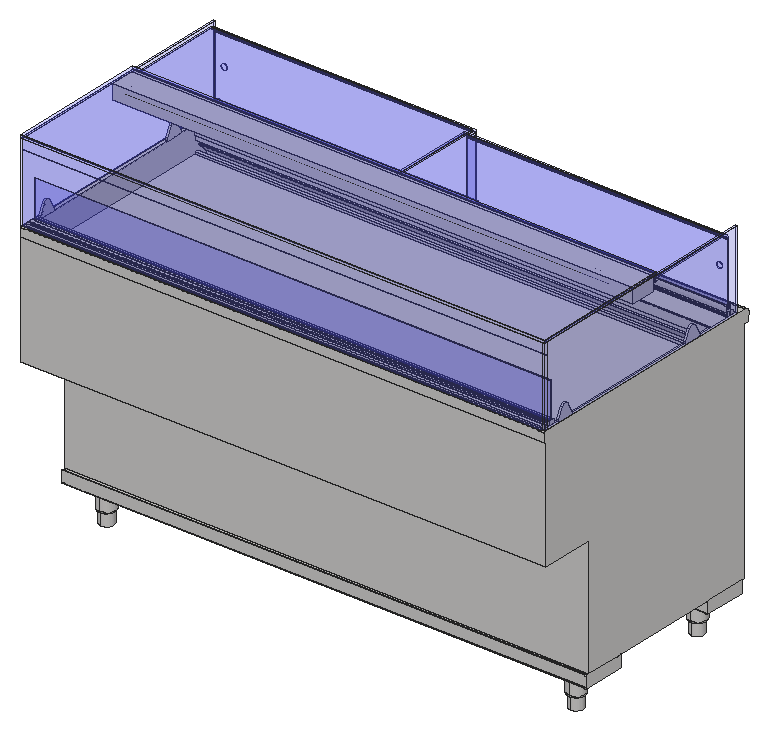
Revit family "Food-Service-Equipment_Oscartek_Gem_R4-C1700", category Specialty Equipment, Revit 2026
Family settings
  Round Connector Dimension = Use Diameter
  Part Type = Normal
  Classification Number = 23.40.40.11.17
  Work Plane-Based = No
  Enable Cutting in Views = No
  Always vertical = Yes
  Cut with Voids When Loaded = No
  Maintain Annotation Orientation = No
  Shared = No
  Room Calculation Point = No
Parameters
  Width = 67"  # constant formula
  Weight in Pounds = 414
  Watts = Volts * FL Amps  # 1680 W
  Waste Water Discharge Temperature [instance] = -459.67 °F
  Volts = 120 V
  URL Cutsheet = "www.oscartek.com"
  URL = "www.oscartek.com"
  Type Mark [instance] = ""
  Type Comments = "As Specified"
  Test Data = "http://www.oscartek.com/company/clients.php"
  Status [instance] = ""
  Specification by User [instance] = ""
  Specification by Manufacturer = ""
  Specification = "https://www.arcat.com/arcatcos/cos48/arc48760.html"
  Show Clearance [instance] = yes
  Serial Number = ""
  Seismic Rating = ""
  Sales Information = "http://www.oscartek.com/company/contact.php"
  SMACNA No = ""
  Revision Code [instance] = ""
  Revision = "R1_2018-10"
  Refrigerant Type [instance] = "R404A"
  Product Data = "http://www.oscartek.com/support/manuals/"
  Plumbing Remarks [instance] = ""
  Plumbing Connection Type [instance] = ""
  Phase = 1
  Omniclass Number and Title = ""
  Number of Poles [instance] = 1
  NAFEM Spec ID Number = ""
  Model = "GEM R4 C1700"
  Min Ckt Ampacity = 0 A
  Max Overcurrent Protection = 0 A
  Masterspec = ""
  Manufacturer Website = "http://www.oscartek.com/index.php"
  Manufacturer Phone - Toll Free = "855-885-2400"
  Manufacturer Phone = "650-342-2400"
  Manufacturer Fax = "650-342-7400"
  Manufacturer Address = "361 Beach Rd., Burlingame, CA 94010"
  Manufacturer = "OSCARTEK"
  Light Length = Width - 2"  # 65"
  Item Number [instance] = ""
  Installed By [instance] = ""
  Installation-Fabrication = "http://www.oscartek.com/support/manuals/"
  Indirect Waste Size = 1"
  Indirect Waste Flow [instance] = 0 GPM
  Indirect Waste Connection Type [instance] = ""
  Indirect Waste Connection Height = 0"
  Identify Quantity as Lot [instance] = yes
  HP = ""
  Green Building-LEED = "https://www.arcat.com/green/green_building.shtml"
  Furnished By [instance] = ""
  Foodservice Equipment Identifier [instance] = yes
  FL Amps = 14 A
  Electrical Remarks [instance] = ""
  Electric Connection Type [instance] = ""
  Elec Conn RI Height [instance] = 0"
  Elec Conn Connection Height [instance] = 0"
  Drawn By = "Sumex Design, Inc. / Robert S. Weygant, CSI, CDT, SCIP"
  Description = "GEM R4 CHOCOLATE SHOWCASE"
  Default Elevation = 0"
  Cycle = 60 Hz
  Copyright = "©Arcat Inc."
  Construction Details = "http://www.oscartek.com/support/manuals/"
  Conn Plug = ""
  Conn Conduit = yes
  Category = ""
  CSI MasterFormat = "11 41 13"
  CSI Master Format = "Refrigerated Food Storage Cases"
  Building Codes = "https://www.arcat.com/arcatcos/cos48/arc48760.html"
  Body Finish [instance] = QF_Finishes_Stainless Steel
  Apparent Power = if(Phase = 3, Volts * FL Amps * 1.73, Volts * FL Amps)  # 1680 VA
Reference planes (in)
  plane 1 "BACK": y = 0
  plane 2: z = 0
  plane 3 "LEFT": x = 0
  plane 4 "RIGHT": x = 67
  plane 5 "FRONT": y = -32.5
  plane 6 "TOP": z = 47.25
  plane 7 "Center Y": x = 33.5
  plane 8 "Center X": y = -16.25
  plane 9 "Base Height": z = 6
  plane 10: z = 21.25
  plane 11 "Right Off": x = 63.5
  plane 12: x = 0.5
  plane 13: x = 66.5
Forms (in)
  Revolve 1, solid, material "QF_Finishes_Stainless Steel"
    sketch origin (3.5, 0, 0) x (0, 1, 0) y (0, 0, 1)
      loop
        line (-23.11019, 0) -> (-22.24405, 0) -> (-22.24405, 1.57481) -> (-22.15737, 1.57481)
        arc (-22.15737, 1.57481) -> (-22.05163, 1.61861) -> (-22.00783, 1.72436) r 0.14954
        line (-22.00783, 1.72436) -> (-22.00783, 4.46851) -> (-23.11019, 4.46851) -> (-23.11019, 0)
      axis (-23.11019, 0) -> (-23.11019, 4.46851)
    angle from 0 to 360
  Revolve 2, solid, material "QF_Finishes_Stainless Steel"
    sketch origin (3.5, 19.37004, 0) x (0, 1, 0) y (0, 0, 1)
      loop
        line (-23.11019, 0) -> (-22.24405, 0) -> (-22.24405, 1.57481) -> (-22.15737, 1.57481)
        arc (-22.15737, 1.57481) -> (-22.05163, 1.61861) -> (-22.00783, 1.72436) r 0.14954
        line (-22.00783, 1.72436) -> (-22.00783, 4.46851) -> (-23.11019, 4.46851) -> (-23.11019, 0)
      axis (-23.11019, 0) -> (-23.11019, 4.46851)
    angle from 0 to 360
  Extrusion 3, solid, material "QF_Finishes_Stainless Steel" <- "Body Finish"
    sketch origin (0, 0, 0) x (0, 1, 0) y (0, 0, 1)
      loop
        line (-25.80359, 4.46851) -> (-20.41679, 4.46851)
        arc (-20.41679, 4.46851) -> (-20.3726, 4.48681) -> (-20.35429, 4.53101) r 0.0625
        line (-20.35429, 4.53101) -> (-20.35429, 5.9375)
        arc (-20.35429, 5.9375) -> (-20.3726, 5.98169) -> (-20.41679, 6) r 0.0625
        line (-20.41679, 6) -> (-25.80359, 6)
        arc (-25.80359, 6) -> (-25.84778, 5.98169) -> (-25.86609, 5.9375) r 0.0625
        line (-25.86609, 5.9375) -> (-25.86609, 4.53101)
        arc (-25.86609, 4.53101) -> (-25.84778, 4.48681) -> (-25.80359, 4.46851) r 0.0625
      loop
        line (-6.43355, 4.46851) -> (-1.04675, 4.46851)
        arc (-1.04675, 4.46851) -> (-1.00256, 4.48681) -> (-0.98425, 4.53101) r 0.0625
        line (-0.98425, 4.53101) -> (-0.98425, 5.9375)
        arc (-0.98425, 5.9375) -> (-1.00256, 5.98169) -> (-1.04675, 6) r 0.0625
        line (-1.04675, 6) -> (-6.43355, 6)
        arc (-6.43355, 6) -> (-6.47774, 5.98169) -> (-6.49605, 5.9375) r 0.0625
        line (-6.49605, 5.9375) -> (-6.49605, 4.53101)
        arc (-6.49605, 4.53101) -> (-6.47774, 4.48681) -> (-6.43355, 4.46851) r 0.0625
    from 0 to 67
  Revolve 4, solid, material "QF_Finishes_Stainless Steel"
    sketch origin (63.5, 0, 0) x (0, 0, -1) y (0, -1, 0)
      loop
        line (0, 23.11019) -> (-4.46851, 23.11019) -> (-4.46851, 22.00783) -> (-1.72436, 22.00783)
        arc (-1.72436, 22.00783) -> (-1.61861, 22.05163) -> (-1.57481, 22.15737) r 0.14954
        line (-1.57481, 22.15737) -> (-1.57481, 22.24405) -> (0, 22.24405) -> (0, 23.11019)
      axis (0, 23.11019) -> (-4.46851, 23.11019)
    angle from 0 to 360
  Revolve 5, solid, material "QF_Finishes_Stainless Steel"
    sketch origin (63.5, 0, 0) x (0, 0, -1) y (0, -1, 0)
      loop
        line (0, 3.74015) -> (-4.46851, 3.74015) -> (-4.46851, 2.63779) -> (-1.72436, 2.63779)
        arc (-1.72436, 2.63779) -> (-1.61861, 2.68159) -> (-1.57481, 2.78733) r 0.14954
        line (-1.57481, 2.78733) -> (-1.57481, 2.87401) -> (0, 2.87401) -> (0, 3.74015)
      axis (0, 3.74015) -> (-4.46851, 3.74015)
    angle from 0 to 360
  Extrusion 6, solid, material "QF_Finishes_Stainless Steel" <- "Body Finish"
    sketch origin (0, 0, 0) x (0, 1, 0) y (0, 0, 1)
      loop
        line (-25.47239, 21.25) -> (-25.47239, 6) -> (-0.7874, 6) -> (-0.7874, 21.25) -> (-0.7249, 21.25) -> (-0.7249, 34.61516) -> (-0.68752, 34.61516) -> (-0.67716, 34.89142) -> (-0.67716, 35.15076)
        arc (-0.67716, 35.15076) -> (-0.6706, 35.1666) -> (-0.65475, 35.17317) r 0.02241
        line (-0.65475, 35.17317) -> (-0.03927, 35.17317)
        arc (-0.03927, 35.17317) -> (-0.0115, 35.18467) -> (0, 35.21244) r 0.03927
        line (0, 35.21244) -> (0, 36.32277)
        arc (0, 36.32277) -> (-0.12454, 36.62343) -> (-0.4252, 36.74797) r 0.4252
        line (-0.4252, 36.74797) -> (-5.47181, 36.74797)
        arc (-5.47181, 36.74797) -> (-5.50009, 36.73626) -> (-5.5118, 36.70798) r 0.03999
        line (-5.5118, 36.70798) -> (-5.5118, 35.5275) -> (-5.3394, 35.5275) -> (-5.3394, 34.97632) -> (-4.39502, 34.97632) -> (-4.06169, 34.64367) -> (-4.60103, 34.10433) -> (-4.78375, 34.28705) -> (-4.80602, 34.26478) -> (-3.49999, 32.95549) -> (-3.49999, 32.19891) -> (-4.09842, 32.19891) -> (-4.09842, 32.70678) -> (-4.95064, 33.559) -> (-5.33463, 33.559) -> (-5.33463, 33.29404) -> (-29.1023, 33.29404) -> (-29.1023, 33.59837) -> (-30.3149, 33.59837) -> (-30.3149, 35.5275) -> (-30.23616, 35.5275) -> (-30.23616, 36.74797) -> (-32.45, 36.74797)
        arc (-32.45, 36.74797) -> (-32.48536, 36.73332) -> (-32.5, 36.69797) r 0.05
        line (-32.5, 36.69797) -> (-32.5, 35.5275) -> (-32.40151, 35.5275) -> (-32.40151, 21.25) -> (-25.47239, 21.25)
    from 0.5 to 66.5
  Extrusion 7, solid, material "QF_Finishes_Stainless Steel" <- "Body Finish"
    sketch origin (67, 0, 0) x (0, 1, 0) y (0, 0, 1)
      loop
        line (-0.4252, 36.74797) -> (-32.45, 36.74797)
        arc (-32.45, 36.74797) -> (-32.48536, 36.73332) -> (-32.5, 36.69797) r 0.05
        line (-32.5, 36.69797) -> (-32.5, 35.5275) -> (-32.40151, 35.5275) -> (-32.40151, 21.25) -> (-25.47239, 21.25) -> (-25.47239, 6) -> (-0.7874, 6) -> (-0.7874, 21.25) -> (-0.7249, 21.25) -> (-0.7249, 34.61516) -> (-0.68752, 34.61516) -> (-0.67716, 34.89142) -> (-0.67716, 35.15076)
        arc (-0.67716, 35.15076) -> (-0.6706, 35.1666) -> (-0.65475, 35.17317) r 0.02241
        line (-0.65475, 35.17317) -> (-0.03927, 35.17317)
        arc (-0.03927, 35.17317) -> (-0.0115, 35.18467) -> (0, 35.21244) r 0.03927
        line (0, 35.21244) -> (0, 36.32277)
        arc (0, 36.32277) -> (-0.12454, 36.62343) -> (-0.4252, 36.74797) r 0.4252
    from 0 to -0.5
  Extrusion 8, solid, material "QF_Finishes_Stainless Steel" <- "Body Finish"
    sketch origin (0, 0, 0) x (0, 1, 0) y (0, 0, -1)
      loop
        arc (-0.4252, -36.74797) -> (-0.12454, -36.62343) -> (0, -36.32277) r 0.4252
        line (0, -36.32277) -> (0, -35.21244)
        arc (0, -35.21244) -> (-0.0115, -35.18467) -> (-0.03927, -35.17317) r 0.03927
        line (-0.03927, -35.17317) -> (-0.65475, -35.17317)
        arc (-0.65475, -35.17317) -> (-0.6706, -35.1666) -> (-0.67716, -35.15076) r 0.02241
        line (-0.67716, -35.15076) -> (-0.67716, -34.89142) -> (-0.68752, -34.61516) -> (-0.7249, -34.61516) -> (-0.7249, -21.25) -> (-0.7874, -21.25) -> (-0.7874, -6) -> (-25.47239, -6) -> (-25.47239, -21.25) -> (-32.40151, -21.25) -> (-32.40151, -35.5275) -> (-32.5, -35.5275) -> (-32.5, -36.69797)
        arc (-32.5, -36.69797) -> (-32.48536, -36.73332) -> (-32.45, -36.74797) r 0.05
        line (-32.45, -36.74797) -> (-0.4252, -36.74797)
    from 0 to -0.5
  Extrusion 9, solid, material "QF_Finishes_Stainless Steel" <- "Body Finish"
    sketch origin (0, -0.13787, 0) x (0, 1, 0) y (0, 0, 1)
      loop
        line (-31.04324, 37.1023) -> (-31.04324, 36.74797) -> (-30.25584, 36.74797) -> (-30.25584, 37.1023) -> (-30.29521, 37.14167) -> (-30.55111, 37.14167) -> (-30.55111, 36.84654) -> (-30.74796, 36.84654) -> (-30.74796, 37.14167) -> (-31.00387, 37.14167) -> (-31.04324, 37.1023)
    from 0.5 to 66.5
  Extrusion 10, solid, material "QF_Finishes_Stainless Steel" <- "Body Finish"
    sketch origin (0, 0, 0) x (0, 1, 0) y (0, 0, 1)
      loop
        arc (-2.24162, 38.09897) -> (-2.28099, 38.0596) -> (-2.24162, 38.02023) r 0.03937
        arc (-2.24162, 38.02023) -> (-2.2816, 37.60524) -> (-2.25244, 37.18934) r 2.5139
        arc (-2.25244, 37.18934) -> (-2.24724, 37.0966) -> (-2.24162, 37.00387) r 20.5137
        arc (-2.24162, 37.00387) -> (-2.28099, 36.9645) -> (-2.24162, 36.92513) r 0.03937
        line (-2.24162, 36.92513) -> (-2.20225, 36.92513) -> (-2.20225, 37.24009) -> (-1.80855, 37.24009) -> (-1.80855, 36.92513) -> (-1.76918, 36.92513)
        arc (-1.76918, 36.92513) -> (-1.72981, 36.9645) -> (-1.76918, 37.00387) r 0.03937
        arc (-1.76918, 37.00387) -> (-1.76357, 37.0966) -> (-1.75837, 37.18934) r 20.5137
        arc (-1.75837, 37.18934) -> (-1.72921, 37.60524) -> (-1.76918, 38.02023) r 2.5139
        arc (-1.76918, 38.02023) -> (-1.72981, 38.0596) -> (-1.76918, 38.09897) r 0.03937
        line (-1.76918, 38.09897) -> (-1.80855, 38.09897) -> (-1.80855, 37.50842) -> (-2.20225, 37.50842) -> (-2.20225, 38.09897) -> (-2.24162, 38.09897)
    from 0.5 to 33.875
  Extrusion 11, solid, material "QF_Finishes_Stainless Steel" <- "Body Finish"
    sketch origin (39.25, 0, 0) x (0, 1, 0) y (0, 0, -1)
      loop
        line (-32.32276, -36.80702) -> (-32.1456, -36.80702) -> (-32.1456, -37.04324)
        arc (-32.1456, -37.04324) -> (-32.10524, -37.14068) -> (-32.0078, -37.18104) r 0.13779
        arc (-32.0078, -37.18104) -> (-31.91037, -37.14068) -> (-31.87001, -37.04324) r 0.13779
        line (-31.87001, -37.04324) -> (-31.87001, -36.80702) -> (-31.49599, -36.80702) -> (-31.49599, -37.04324)
        arc (-31.49599, -37.04324) -> (-31.45564, -37.14068) -> (-31.3582, -37.18104) r 0.1378
        arc (-31.3582, -37.18104) -> (-31.26076, -37.14068) -> (-31.2204, -37.04324) r 0.1378
        line (-31.2204, -37.04324) -> (-31.2204, -36.80702) -> (-31.04324, -36.80702) -> (-31.04324, -36.74797) -> (-32.32276, -36.74797) -> (-32.32276, -36.80702)
      loop
        line (-1.86761, -36.80702) -> (-1.69044, -36.80702) -> (-1.69044, -36.74797) -> (-2.87622, -36.74797) -> (-2.87622, -36.80702) -> (-2.69905, -36.80702) -> (-2.69905, -37.04324)
        arc (-2.69905, -37.04324) -> (-2.6587, -37.14068) -> (-2.56126, -37.18104) r 0.1378
        arc (-2.56126, -37.18104) -> (-2.46382, -37.14068) -> (-2.42346, -37.04324) r 0.1378
        line (-2.42346, -37.04324) -> (-2.42346, -36.80702) -> (-2.1432, -36.80702) -> (-2.1432, -37.04324)
        arc (-2.1432, -37.04324) -> (-2.10284, -37.14068) -> (-2.0054, -37.18104) r 0.1378
        arc (-2.0054, -37.18104) -> (-1.90797, -37.14068) -> (-1.86761, -37.04324) r 0.1378
        line (-1.86761, -37.04324) -> (-1.86761, -36.80702)
    from -27.25 to 38.75
  Extrusion 12, solid, material "QF_Finishes_Stainless Steel" <- "Body Finish"
    sketch origin (0, 0, 0) x (0, 1, 0) y (0, 0, 1)
      loop
        arc (-2.34066, 37.00387) -> (-2.33505, 37.0966) -> (-2.32985, 37.18934) r 20.5137
        arc (-2.32985, 37.18934) -> (-2.30069, 37.60524) -> (-2.34066, 38.02023) r 2.5139
        arc (-2.34066, 38.02023) -> (-2.30129, 38.0596) -> (-2.34066, 38.09897) r 0.03937
        line (-2.34066, 38.09897) -> (-2.38003, 38.09897) -> (-2.38003, 37.50842) -> (-2.77373, 37.50842) -> (-2.77373, 38.09897) -> (-2.8131, 38.09897)
        arc (-2.8131, 38.09897) -> (-2.85247, 38.0596) -> (-2.8131, 38.02023) r 0.03937
        arc (-2.8131, 38.02023) -> (-2.85308, 37.60524) -> (-2.82392, 37.18934) r 2.5139
        arc (-2.82392, 37.18934) -> (-2.81872, 37.0966) -> (-2.8131, 37.00387) r 20.5137
        arc (-2.8131, 37.00387) -> (-2.85247, 36.9645) -> (-2.8131, 36.92513) r 0.03937
        line (-2.8131, 36.92513) -> (-2.77373, 36.92513) -> (-2.77373, 37.24009) -> (-2.38003, 37.24009) -> (-2.38003, 36.92513) -> (-2.34066, 36.92513)
        arc (-2.34066, 36.92513) -> (-2.30129, 36.9645) -> (-2.34066, 37.00387) r 0.03937
    from 33.125 to 66.5
  Extrusion 13, solid, material "QF_Finishes_Stainless Steel"
    sketch origin (0, 0, 0) x (1, 0, 0) y (0, 1, 0)
      loop
        circle (63, -4.75) r 0.5
    from 21.25 to 23.44957
  Extrusion 14, solid, material "Glass"
    sketch origin (0, 0, 0) x (0, 1, 0) y (0, 0, 1)
      loop
        line (-32.06693, 46.8503) -> (-14.62602, 46.8503) -> (-14.62602, 47.244) -> (-32.53937, 47.244) -> (-32.53937, 46.8503) -> (-32.46063, 46.8503) -> (-32.46063, 36.65347) -> (-32.06693, 36.65347) -> (-32.06693, 45.33455) -> (-32.06693, 46.8503)
    from 0 to 67
  Extrusion 15, solid, material "Glass"
    sketch origin (0, 0, 0) x (0, 1, 0) y (0, 0, 1)
      loop
        line (-30.88583, 41.77157) -> (-30.88583, 36.75204) -> (-30.72835, 36.75204) -> (-30.72835, 41.77157) -> (-30.88583, 41.77157)
    from 0.5 to 66.5
  Extrusion 16, solid, material "Glass"
    sketch origin (0, 0, 0) x (0, 1, 0) y (0, 0, 1)
      loop
        line (-32.46063, 36.74797) -> (-30.37402, 36.74797) -> (-3.76932, 36.74797) -> (-1.66507, 36.74797) -> (-1.66507, 46.8503) -> (-32.46063, 46.8503) -> (-32.46063, 36.74797)
    from 0 to 0.25
  Extrusion 17, solid, material "Glass"
    sketch origin (67, 0, 0) x (0, 1, 0) y (0, 0, 1)
      loop
        line (-32.46063, 36.74797) -> (-30.37402, 36.74797) -> (-3.76932, 36.74797) -> (-1.66507, 36.74797) -> (-1.66507, 46.8503) -> (-32.46063, 46.8503) -> (-32.46063, 36.74797)
    from 0 to -0.25
  Extrusion 18, solid, material "QF_Finishes_Stainless Steel"
    sketch origin (0, 0, 0) x (0, 1, 0) y (0, 0, 1)
      loop
        line (-14.31106, 45.96447) -> (-14.31106, 46.00384) -> (-14.98035, 46.00384) -> (-14.98035, 46.33849) -> (-14.31106, 46.33849) -> (-14.31106, 46.37786) -> (-14.98035, 46.37786) -> (-14.98035, 46.7125) -> (-14.31106, 46.7125) -> (-14.31106, 46.75187) -> (-15.01972, 46.75187) -> (-15.01972, 46.8503) -> (-18.14402, 46.8503) -> (-18.14402, 45.05563) -> (-17.79411, 45.05563) -> (-17.79411, 46.30563) -> (-15.35179, 46.30563) -> (-15.35179, 45.05563) -> (-15.01972, 45.05563) -> (-15.01972, 45.96447) -> (-14.31106, 45.96447)
    from 0.25 to 66.75
  Extrusion 19, solid, material "Glass"
    sketch origin (67, 0, 0) x (0, 1, 0) y (0, 0, 1)
      loop
        line (-14.86224, 46.04133) -> (-3.24184, 46.04133)
        arc (-3.24184, 46.04133) -> (-2.85209, 45.87989) -> (-2.69066, 45.49015) r 0.55118
        line (-2.69066, 45.49015) -> (-2.69066, 37.5) -> (-2.45444, 37.5) -> (-2.45444, 45.49015)
        arc (-2.45444, 45.49015) -> (-2.68506, 46.04692) -> (-3.24184, 46.27755) r 0.7874
        line (-3.24184, 46.27755) -> (-14.86224, 46.27755) -> (-14.86224, 46.04133)
    from -0.5 to -33.875
  Extrusion 20, solid, material "Glass"
    sketch origin (0, 0, 0) x (0, 1, 0) y (0, 0, 1)
      loop
        line (-2.67097, 46.66329) -> (-14.86224, 46.66329) -> (-14.86224, 46.42707) -> (-2.67097, 46.42707)
        arc (-2.67097, 46.42707) -> (-2.28123, 46.26564) -> (-2.11979, 45.87589) r 0.55118
        line (-2.11979, 45.87589) -> (-2.11979, 37.51173) -> (-1.88357, 37.51173) -> (-1.88357, 45.87589)
        arc (-1.88357, 45.87589) -> (-2.1142, 46.43267) -> (-2.67097, 46.66329) r 0.7874
    from 33.875 to 0.5
  Extrusion 21, solid, material "QF_Finishes_Stainless Steel"
    sketch origin (0, 0, 0) x (0, 1, 0) y (0, 0, 1)
      loop
        line (-17.79411, 45.05563) -> (-15.35179, 45.05563) -> (-15.35179, 46.30563) -> (-17.79411, 46.30563) -> (-17.79411, 45.05563)
    from 0.25 to 0.5
  Extrusion 22, solid, material "QF_Finishes_Stainless Steel"
    sketch origin (67, 0, 0) x (0, 1, 0) y (0, 0, 1)
      loop
        line (-17.79411, 45.05563) -> (-15.35179, 45.05563) -> (-15.35179, 46.30563) -> (-17.79411, 46.30563) -> (-17.79411, 45.05563)
    from -0.25 to -0.5
  Extrusion 23, void
    sketch origin (0, -1.88357, 37.51173) x (0, 0, -1) y (1, 0, 0)
      loop
        circle (-4.61781, 1.60975) r 0.375
    from 0 to 0.125
  Extrusion 24, void
    sketch origin (67, -2.45444, 37.5) x (0, 0, -1) y (1, 0, 0)
      loop
        circle (-4.62954, -51.51525) r 0.375
      loop
        circle (-4.62954, -1.60975) r 0.375
    from 0 to 0.125
  Extrusion 25, solid, material "QF_Finishes_Stainless Steel"
    sketch origin (0, 0, 0) x (0, 1, 0) y (0, 0, 1)
      loop
        line (-8.98096, 38.16729) -> (-9.60646, 36.93969)
        arc (-9.60646, 36.93969) -> (-9.5989, 36.74747) -> (-9.43106, 36.65347) r 0.19685
        line (-9.43106, 36.65347) -> (-7.68897, 36.65347)
        arc (-7.68897, 36.65347) -> (-7.52113, 36.74747) -> (-7.51357, 36.93969) r 0.19685
        line (-7.51357, 36.93969) -> (-8.13907, 38.16729)
        arc (-8.13907, 38.16729) -> (-8.56002, 38.42524) -> (-8.98096, 38.16729) r 0.47244
      loop
        line (-27.82128, 36.93969) -> (-28.44677, 38.16729)
        arc (-28.44677, 38.16729) -> (-28.86772, 38.42524) -> (-29.28867, 38.16729) r 0.47244
        line (-29.28867, 38.16729) -> (-29.91416, 36.93969)
        arc (-29.91416, 36.93969) -> (-29.90661, 36.74747) -> (-29.73877, 36.65347) r 0.19685
        line (-29.73877, 36.65347) -> (-27.99668, 36.65347)
        arc (-27.99668, 36.65347) -> (-27.82883, 36.74747) -> (-27.82128, 36.93969) r 0.19685
    from 0.25 to 0.5
  Extrusion 26, solid, material "QF_Finishes_Stainless Steel"
    sketch origin (67, 0, 0) x (0, 1, 0) y (0, 0, 1)
      loop
        line (-8.98096, 38.16729) -> (-9.60646, 36.93969)
        arc (-9.60646, 36.93969) -> (-9.5989, 36.74747) -> (-9.43106, 36.65347) r 0.19685
        line (-9.43106, 36.65347) -> (-7.68897, 36.65347)
        arc (-7.68897, 36.65347) -> (-7.52113, 36.74747) -> (-7.51357, 36.93969) r 0.19685
        line (-7.51357, 36.93969) -> (-8.13907, 38.16729)
        arc (-8.13907, 38.16729) -> (-8.56002, 38.42524) -> (-8.98096, 38.16729) r 0.47244
      loop
        line (-27.82128, 36.93969) -> (-28.44677, 38.16729)
        arc (-28.44677, 38.16729) -> (-28.86772, 38.42524) -> (-29.28867, 38.16729) r 0.47244
        line (-29.28867, 38.16729) -> (-29.91416, 36.93969)
        arc (-29.91416, 36.93969) -> (-29.90661, 36.74747) -> (-29.73877, 36.65347) r 0.19685
        line (-29.73877, 36.65347) -> (-27.99668, 36.65347)
        arc (-27.99668, 36.65347) -> (-27.82883, 36.74747) -> (-27.82128, 36.93969) r 0.19685
    from -0.25 to -0.5
  Extrusion 27, solid, material "QF_Finishes_Stainless Steel"
    sketch origin (0, -0.7874, 35.98813) x (0, 0, -1) y (-1, 0, 0)
      loop
        line (15.63056, -60.7227) -> (16.88056, -60.7227) -> (16.88056, -55.4727) -> (15.63056, -55.4727) -> (15.63056, -60.7227)
    from 0 to 1
  Extrusion 28, solid, material "QF_Finishes_Black"
    sketch origin (0, -0.7874, 35.48813) x (0, 0, -1) y (-1, 0, 0)
      loop
        line (19.92986, -63.60892) -> (28.67986, -63.60892) -> (28.67986, -61.60892) -> (19.92986, -61.60892) -> (19.92986, -63.60892)
      loop
        line (19.92986, -61.10892) -> (28.67986, -61.10892) -> (28.67986, -59.10892) -> (19.92986, -59.10892) -> (19.92986, -61.10892)
      loop
        line (19.92986, -58.60892) -> (28.67986, -58.60892) -> (28.67986, -56.60892) -> (19.92986, -56.60892) -> (19.92986, -58.60892)
      loop
        line (28.67986, -56.10892) -> (28.67986, -54.10892) -> (21.92986, -54.10892) -> (19.92986, -56.10892) -> (28.67986, -56.10892)
      loop
        line (28.67986, -53.60892) -> (28.67986, -51.60892) -> (24.42986, -51.60892) -> (22.42986, -53.60892) -> (28.67986, -53.60892)
    from 0 to 0.0625
  Extrusion 29, solid, material "QF_Finishes_Door Clearance", visible <- "Show Clearance", detail levels coarse
    sketch origin (0, 0, 0) x (0, 1, 0) y (0, 0, 1)
      loop
        line (-14.62602, 47.244) -> (-14.62602, 65.15735)
        arc (-14.62602, 65.15735) -> (-27.29267, 59.91065) -> (-32.53937, 47.244) r 17.91335
        line (-32.53937, 47.244) -> (-14.62602, 47.244)
    from 0 to 67 <- "Width"
Cuts and joins
  joined: Extrusion 6, Extrusion 7, Extrusion 8
  joined: Extrusion 18, Extrusion 21, Extrusion 22
  Extrusion 23, Extrusion 24 cuts Extrusion 20
  Extrusion 24 cuts Extrusion 19
Lines and regions (in)
  Split face 1
    outline origin (0, 0.2126, 35.98813) x (0, 0, -1) y (-1, 0, 0)
      loop
        line (15.84103, -60.34202) -> (16.59103, -60.34202) -> (16.59103, -55.84202) -> (15.84103, -55.84202) -> (15.84103, -60.34202)
  symbolic lines, style "QF-Surface Details"
    curve 1: line (13.42189, -9.74271, 0) -> (16.60387, -6.56073, 0)
    curve 2: line (13.09142, -11.18339, 0) -> (18.04117, -6.23365, 0)
    curve 3: line (14.6841, -11.00493, 0) -> (18.04286, -7.64617, 0)
    curve 4: line (13.42189, -25.74271, 0) -> (16.60387, -22.56073, 0)
    curve 5: line (13.09142, -27.18339, 0) -> (18.04117, -22.23365, 0)
    curve 6: line (14.6841, -27.00493, 0) -> (18.04286, -23.64617, 0)
    curve 7: line (45.48225, -9.74271, 0) -> (48.66423, -6.56073, 0)
    curve 8: line (45.15178, -11.18339, 0) -> (50.10153, -6.23365, 0)
    curve 9: line (46.74446, -11.00493, 0) -> (50.10322, -7.64617, 0)
    curve 10: line (45.48225, -25.74271, 0) -> (48.66423, -22.56073, 0)
    curve 11: line (45.15178, -27.18339, 0) -> (50.10153, -22.23365, 0)
    curve 12: line (46.74446, -27.00493, 0) -> (50.10322, -23.64617, 0)
  symbolic lines
    curve 13: line (0, 0, 0) -> (67, 0, 0)
    curve 14: line (0, -32.53937, 0) -> (0, 0, 0)
    curve 15: line (67, -32.53937, 0) -> (0, -32.53937, 0)
    curve 16: line (67, 0, 0) -> (67, -32.53937, 0)
    curve 17: line (67, -14.62602, 0) -> (0, -14.62602, 0)
    curve 18: line (0.25, -14.62602, 0) -> (0.25, -1.66507, 0)
    curve 19: line (0.25, -1.66507, 0) -> (0, -1.66507, 0)
    curve 20: line (67, -1.66507, 0) -> (66.75, -1.66507, 0)
    curve 21: line (66.75, -1.66507, 0) -> (66.75, -14.62602, 0)
    curve 22: line (66.75, -14.31106, 0) -> (0.25, -14.31106, 0)
    curve 23: line (0.5, -1.69044, 0) -> (0.5, -14.31106, 0)
    curve 24: line (33.875, -14.31106, 0) -> (33.875, -1.69044, 0)
    curve 25: line (66.5, -14.31106, 0) -> (66.5, -1.69044, 0)
    curve 26: line (66.5, -1.69044, 0) -> (0.5, -1.69044, 0)
    curve 27: line (33.875, -2.38003, 0) -> (66.5, -2.38003, 0)
    curve 28: line (0.5, -1.80855, 0) -> (33.875, -1.80855, 0)
Dimensions and locks (in)
  equal spacing: plane 3 "LEFT", plane 7 "Center Y", plane 4 "RIGHT"
  "Width": plane 3 "LEFT" to plane 4 "RIGHT"
  equal spacing: plane 5 "FRONT", plane 8 "Center X", plane 1 "BACK"
  plane 5 "FRONT" to plane 1 "BACK" = 32 1/2"
  plane 6 "TOP" to level = 47 1/4"
  plane 9 "Base Height" to level = 6"
  plane 10 to level = 21 1/4"
  locked: plane 11 "Right Off" to plane 4 "RIGHT" at 3.5
  locked: plane 13 to plane 4 "RIGHT" at 0.5
  locked: plane 3 "LEFT" to plane 12 at 0.5
  cut or joined group of Extrusion 20, Extrusion 23, Extrusion 24 to plane 7 "Center Y" to cut or joined group of Extrusion 19, Extrusion 24 = 3/8" locked, 3/8" locked
  Extrusion 10 to plane 7 "Center Y" to Extrusion 12 = 3/8" locked, 3/8" locked
  locked: cut or joined group of Extrusion 18, Extrusion 21, Extrusion 22 to plane 3 "LEFT" at 0.25
  locked: Extrusion 15 to plane 3 "LEFT" at 0.5
  locked: plane 4 "RIGHT" to cut or joined group of Extrusion 18, Extrusion 21, Extrusion 22 at 0.25
  aligned and locked: level to plane 2
  aligned: plane 4 "RIGHT" to Extrusion 6
  aligned and locked: plane 4 "RIGHT" to Extrusion 3
  aligned and locked: Extrusion 6 to plane 12
  aligned and locked: plane 13 to Extrusion 6
  aligned and locked: Extrusion 7 to plane 13
  aligned and locked: plane 12 to Extrusion 8
  aligned and locked: Extrusion 9 to plane 12
  aligned and locked: plane 13 to Extrusion 9
  aligned and locked: Extrusion 10 to plane 12
  aligned and locked: Extrusion 11 to plane 12
  aligned and locked: plane 13 to Extrusion 11
  aligned and locked: plane 13 to Extrusion 12
  aligned and locked: plane 4 "RIGHT" to Extrusion 14
  aligned: plane 4 "RIGHT" to Extrusion 15
  aligned: Extrusion 15 to plane 12
  aligned and locked: plane 13 to Extrusion 15
  aligned and locked: plane 7 "Center Y" to nested 1
Automatic sketch dimensions
  Revolve 1 sketch curve to level = 0"
  Revolve 1 sketch curve to plane 8 "Center X" = 6.86019"
  Revolve 1 sketch curve to Revolve 1 sketch curve = 0"  (x2)
  Revolve 1 sketch curve to Revolve 1 sketch curve = 0.86614"
  Revolve 1 sketch curve to Revolve 1 sketch curve = 0.08668"
  Revolve 1 sketch curve to Revolve 1 sketch curve = 0.14954"
  level to Revolve 1 sketch curve = 1.57481"
  Revolve 1 sketch curve to plane 9 "Base Height" = 1.53149"
  Revolve 1 sketch curve to plane 9 "Base Height" = 0.61582"
  Revolve 2 sketch curve to level = 0"
  plane 1 "BACK" to Revolve 2 sketch curve = 3.74015"
  Revolve 2 sketch curve to Revolve 2 sketch curve = 0"  (x2)
  Revolve 2 sketch curve to Revolve 2 sketch curve = 0.86614"
  Revolve 2 sketch curve to Revolve 2 sketch curve = 0.08668"
  Revolve 2 sketch curve to Revolve 2 sketch curve = 0.14954"
  level to Revolve 2 sketch curve = 1.57481"
  Revolve 2 sketch curve to plane 9 "Base Height" = 1.53149"
  Revolve 2 sketch curve to plane 9 "Base Height" = 0.61582"
  Extrusion 3 sketch curve to plane 9 "Base Height" = 0"  (x2)
  Extrusion 3 sketch curve to plane 9 "Base Height" = 1.46899"  (x2)
  Extrusion 3 sketch curve to plane 5 "FRONT" = 6.63391"
  Extrusion 3 sketch curve to Extrusion 3 sketch curve = 1/16"  (x6)
  Extrusion 3 sketch curve to plane 8 "Center X" = 4.16679"
  Extrusion 3 sketch curve to Extrusion 3 sketch curve = 0"
  plane 1 "BACK" to Extrusion 3 sketch curve = 6.49605"
  plane 1 "BACK" to Extrusion 3 sketch curve = 1.04675"  (x2)
  Revolve 4 sketch curve to level = 0"
  level to Revolve 4 sketch curve = 1.57481"
  Revolve 4 sketch curve to Revolve 4 sketch curve = 0.14954"
  Revolve 4 sketch curve to plane 9 "Base Height" = 1.53149"
  Revolve 4 sketch curve to Revolve 4 sketch curve = 0"  (x2)
  Revolve 4 sketch curve to plane 9 "Base Height" = 0.61582"
  Revolve 4 sketch curve to plane 8 "Center X" = 5 97/128"
  Revolve 4 sketch curve to Revolve 4 sketch curve = 0.08668"
  Revolve 4 sketch curve to Revolve 4 sketch curve = 1.10236"
  Revolve 5 sketch curve to level = 0"
  level to Revolve 5 sketch curve = 1.57481"
  Revolve 5 sketch curve to Revolve 5 sketch curve = 0.14954"
  Revolve 5 sketch curve to plane 9 "Base Height" = 1.53149"
  Revolve 5 sketch curve to Revolve 5 sketch curve = 0"  (x2)
  Revolve 5 sketch curve to plane 9 "Base Height" = 0.61582"
  plane 1 "BACK" to Revolve 5 sketch curve = 2.63779"
  Revolve 5 sketch curve to Revolve 5 sketch curve = 0.08668"
  Revolve 5 sketch curve to Revolve 5 sketch curve = 1.10236"
  Extrusion 6 sketch curve to plane 5 "FRONT" = 0"
  Extrusion 6 sketch curve to plane 10 = 0"  (x2)
  Extrusion 6 sketch curve to plane 9 "Base Height" = 0"
  Extrusion 6 sketch curve to plane 1 "BACK" = 0"
  Extrusion 6 sketch curve to Extrusion 6 sketch curve = 0.05"
  Extrusion 6 sketch curve to plane 5 "FRONT" = 0.09849"
  Extrusion 6 sketch curve to Extrusion 6 sketch curve = 2.08661"
  Extrusion 6 sketch curve to Extrusion 6 sketch curve = 0.07874"
  Extrusion 6 sketch curve to Extrusion 6 sketch curve = 1.2126"
  Extrusion 6 sketch curve to plane 5 "FRONT" = 7.02761"
  plane 1 "BACK" to Extrusion 6 sketch curve = 5.5118"
  Extrusion 6 sketch curve to Extrusion 6 sketch curve = 0.03999"
  Extrusion 6 sketch curve to Extrusion 6 sketch curve = 0.1724"
  Extrusion 6 sketch curve to Extrusion 6 sketch curve = 0.00476"
  Extrusion 6 sketch curve to Extrusion 6 sketch curve = 0.384"
  Extrusion 6 sketch curve to Extrusion 6 sketch curve = 0.14461"
  Extrusion 6 sketch curve to Extrusion 6 sketch curve = 0.02227"  (x2)
  Extrusion 6 sketch curve to Extrusion 6 sketch curve = 0.18272"
  Extrusion 6 sketch curve to Extrusion 6 sketch curve = 0.38873"
  Extrusion 6 sketch curve to Extrusion 6 sketch curve = 0.85222"
  Extrusion 6 sketch curve to Extrusion 6 sketch curve = 0.33333"
  Extrusion 6 sketch curve to Extrusion 6 sketch curve = 0.59842"
  plane 1 "BACK" to Extrusion 6 sketch curve = 0.7874"
  Extrusion 6 sketch curve to Extrusion 6 sketch curve = 1/16"
  Extrusion 6 sketch curve to Extrusion 6 sketch curve = 0.03738"
  Extrusion 6 sketch curve to Extrusion 6 sketch curve = 0.01036"
  Extrusion 6 sketch curve to Extrusion 6 sketch curve = 0.02241"
  plane 1 "BACK" to Extrusion 6 sketch curve = 0.4252"
  plane 1 "BACK" to Extrusion 6 sketch curve = 0.03927"
  plane 10 to Extrusion 6 sketch curve = 10.94891"
  Extrusion 6 sketch curve to Extrusion 6 sketch curve = 0.50787"
  Extrusion 6 sketch curve to Extrusion 6 sketch curve = 0.24871"
  Extrusion 6 sketch curve to Extrusion 6 sketch curve = 0.58726"
  Extrusion 6 sketch curve to Extrusion 6 sketch curve = 0.26496"
  Extrusion 6 sketch curve to Extrusion 6 sketch curve = 0.30433"
  Extrusion 6 sketch curve to Extrusion 6 sketch curve = 0.54533"
  Extrusion 6 sketch curve to Extrusion 6 sketch curve = 0.16045"
  Extrusion 6 sketch curve to Extrusion 6 sketch curve = 1.65968"
  Extrusion 6 sketch curve to Extrusion 6 sketch curve = 0.27626"
  Extrusion 6 sketch curve to Extrusion 6 sketch curve = 0.33265"
  Extrusion 6 sketch curve to Extrusion 6 sketch curve = 0.25933"
  Extrusion 6 sketch curve to Extrusion 6 sketch curve = 1.92913"
  Extrusion 6 sketch curve to Extrusion 6 sketch curve = 0"
  Extrusion 6 sketch curve to Extrusion 6 sketch curve = 0.55118"
  Extrusion 6 sketch curve to Extrusion 6 sketch curve = 1.11034"
  Extrusion 6 sketch curve to Extrusion 6 sketch curve = 1.17047"
  Extrusion 7 sketch curve to plane 5 "FRONT" = 0"
  Extrusion 7 sketch curve to plane 10 = 0"  (x2)
  Extrusion 7 sketch curve to plane 9 "Base Height" = 0"
  Extrusion 7 sketch curve to plane 1 "BACK" = 0"
  Extrusion 7 sketch curve to plane 5 "FRONT" = 0.05"
  Extrusion 7 sketch curve to plane 5 "FRONT" = 0.09849"
  Extrusion 7 sketch curve to Extrusion 7 sketch curve = 6.92912"
  plane 1 "BACK" to Extrusion 7 sketch curve = 0.7874"
  plane 1 "BACK" to Extrusion 7 sketch curve = 0.7249"
  Extrusion 7 sketch curve to Extrusion 7 sketch curve = 0.03738"
  Extrusion 7 sketch curve to Extrusion 7 sketch curve = 0.01036"
  Extrusion 7 sketch curve to Extrusion 7 sketch curve = 0.02241"
  plane 1 "BACK" to Extrusion 7 sketch curve = 0.4252"
  plane 1 "BACK" to Extrusion 7 sketch curve = 0.03927"
  Extrusion 7 sketch curve to plane 6 "TOP" = 12.63484"
  Extrusion 7 sketch curve to Extrusion 7 sketch curve = 0.27626"
  Extrusion 7 sketch curve to Extrusion 7 sketch curve = 0.25933"
  Extrusion 7 sketch curve to plane 6 "TOP" = 11.7225"
  Extrusion 7 sketch curve to Extrusion 7 sketch curve = 1.1496"
  Extrusion 8 sketch curve to plane 5 "FRONT" = 0"
  Extrusion 8 sketch curve to plane 10 = 0"  (x2)
  Extrusion 8 sketch curve to plane 9 "Base Height" = 0"
  Extrusion 8 sketch curve to plane 1 "BACK" = 0"
  Extrusion 8 sketch curve to plane 5 "FRONT" = 0.05"
  Extrusion 8 sketch curve to Extrusion 8 sketch curve = 0.09849"
  Extrusion 8 sketch curve to Extrusion 8 sketch curve = 6.92912"
  plane 1 "BACK" to Extrusion 8 sketch curve = 0.7874"
  plane 1 "BACK" to Extrusion 8 sketch curve = 0.7249"
  Extrusion 8 sketch curve to Extrusion 8 sketch curve = 0.03738"
  Extrusion 8 sketch curve to Extrusion 8 sketch curve = 0.01036"
  Extrusion 8 sketch curve to Extrusion 8 sketch curve = 0.02241"
  plane 1 "BACK" to Extrusion 8 sketch curve = 0.4252"
  plane 1 "BACK" to Extrusion 8 sketch curve = 0.03927"
  Extrusion 8 sketch curve to plane 6 "TOP" = 12.63484"
  Extrusion 8 sketch curve to Extrusion 8 sketch curve = 0.27626"
  Extrusion 8 sketch curve to Extrusion 8 sketch curve = 0.25933"
  Extrusion 8 sketch curve to plane 6 "TOP" = 11.7225"
  Extrusion 8 sketch curve to Extrusion 8 sketch curve = 1.1496"
  Extrusion 9 sketch curve to plane 5 "FRONT" = 1.31889"
  Extrusion 9 sketch curve to Extrusion 9 sketch curve = 0.03937"  (x2)
  Extrusion 9 sketch curve to Extrusion 9 sketch curve = 0.2559"  (x2)
  Extrusion 9 sketch curve to Extrusion 9 sketch curve = 0.19685"
  Extrusion 9 sketch curve to plane 6 "TOP" = 10.50203"
  Extrusion 9 sketch curve to Extrusion 9 sketch curve = 0.09857"
  Extrusion 9 sketch curve to Extrusion 9 sketch curve = 0.35433"  (x2)
  Extrusion 9 sketch curve to Extrusion 9 sketch curve = 0.29513"
  Extrusion 9 sketch curve to Extrusion 9 sketch curve = 0"
  Extrusion 10 sketch curve to plane 8 "Center X" = 5.9925"
  plane 1 "BACK" to Extrusion 10 sketch curve = 4.24289"
  Extrusion 10 sketch curve to Extrusion 10 sketch curve = 1.99046"
  Extrusion 10 sketch curve to Extrusion 10 sketch curve = 0.01081"  (x2)
  Extrusion 10 sketch curve to Extrusion 10 sketch curve = 0.03937"  (x8)
  Extrusion 10 sketch curve to Extrusion 10 sketch curve = 0.3937"  (x2)
  Extrusion 10 sketch curve to Extrusion 10 sketch curve = 0.05018"
  Extrusion 10 sketch curve to plane 1 "BACK" = 0.23209"
  Extrusion 10 sketch curve to plane 6 "TOP" = 8.95959"
  Extrusion 10 sketch curve to Extrusion 10 sketch curve = 17.9996"
  Extrusion 10 sketch curve to plane 6 "TOP" = 9.15103"
  Extrusion 10 sketch curve to Extrusion 10 sketch curve = 0"
  Extrusion 10 sketch curve to Extrusion 10 sketch curve = 0.4477"
  Extrusion 10 sketch curve to Extrusion 10 sketch curve = 0.38319"
  Extrusion 10 sketch curve to Extrusion 10 sketch curve = 0.31908"
  Extrusion 10 sketch curve to Extrusion 10 sketch curve = 0.05075"
  Extrusion 10 sketch curve to Extrusion 10 sketch curve = 0.18547"
  Extrusion 11 sketch curve to Extrusion 11 sketch curve = 0"  (x8)
  Extrusion 11 sketch curve to plane 5 "FRONT" = 0.17724"
  Extrusion 11 sketch curve to Extrusion 11 sketch curve = 0.17717"  (x3)
  Extrusion 11 sketch curve to Extrusion 11 sketch curve = 0.13779"  (x5)
  Extrusion 11 sketch curve to Extrusion 11 sketch curve = 0.37402"
  Extrusion 11 sketch curve to Extrusion 11 sketch curve = 0.17716"
  plane 1 "BACK" to Extrusion 11 sketch curve = 2.87622"
  Extrusion 11 sketch curve to Extrusion 11 sketch curve = 0.28026"
  Extrusion 11 sketch curve to plane 6 "TOP" = 10.06896"  (x2)
  Extrusion 11 sketch curve to Extrusion 11 sketch curve = 0.1378"
  Extrusion 11 sketch curve to Extrusion 11 sketch curve = 0.23622"  (x6)
  Extrusion 11 sketch curve to Extrusion 11 sketch curve = 0.05905"  (x2)
  Extrusion 12 sketch curve to plane 8 "Center X" = 6.56398"
  plane 1 "BACK" to Extrusion 12 sketch curve = 4.81437"
  Extrusion 12 sketch curve to Extrusion 12 sketch curve = 1.99046"
  Extrusion 12 sketch curve to Extrusion 12 sketch curve = 0.01081"  (x2)
  Extrusion 12 sketch curve to Extrusion 12 sketch curve = 0.05018"  (x2)
  Extrusion 12 sketch curve to Extrusion 12 sketch curve = 0.03937"  (x7)
  Extrusion 12 sketch curve to Extrusion 12 sketch curve = 0.3937"  (x2)
  plane 1 "BACK" to Extrusion 12 sketch curve = 0.33939"
  Extrusion 12 sketch curve to plane 6 "TOP" = 8.95959"
  Extrusion 12 sketch curve to plane 1 "BACK" = 17.66021"
  Extrusion 12 sketch curve to plane 6 "TOP" = 9.15103"
  Extrusion 12 sketch curve to Extrusion 12 sketch curve = 0"
  Extrusion 12 sketch curve to Extrusion 12 sketch curve = 0.4477"
  Extrusion 12 sketch curve to Extrusion 12 sketch curve = 0.38319"
  Extrusion 12 sketch curve to Extrusion 12 sketch curve = 0.31908"
  Extrusion 12 sketch curve to Extrusion 12 sketch curve = 0.05075"
  Extrusion 12 sketch curve to Extrusion 12 sketch curve = 0.18547"
  plane 11 "Right Off" to Extrusion 13 sketch curve = 1/2"
  plane 1 "BACK" to Extrusion 13 sketch curve = 4 3/4"
  plane 5 "FRONT" to Extrusion 14 sketch curve = 0.03937"
  Extrusion 14 sketch curve to plane 5 "FRONT" = 0.03937"  (x2)
  Extrusion 14 sketch curve to Extrusion 14 sketch curve = 0.3937"  (x2)
  Extrusion 14 sketch curve to plane 6 "TOP" = 0.3997"  (x2)
  plane 8 "Center X" to Extrusion 14 sketch curve = 1.62398"
  Extrusion 14 sketch curve to Extrusion 14 sketch curve = 1.51574"
  Extrusion 14 sketch curve to Extrusion 14 sketch curve = 8.68109"
  Extrusion 14 sketch curve to plane 6 "TOP" = 0.006"
  Extrusion 15 sketch curve to plane 5 "FRONT" = 1.61417"
  Extrusion 15 sketch curve to Extrusion 15 sketch curve = 0.15748"
  Extrusion 15 sketch curve to plane 6 "TOP" = 10.49796"
  Extrusion 15 sketch curve to Extrusion 15 sketch curve = 5 5/256"
  Extrusion 16 sketch curve to plane 5 "FRONT" = 0.03937"  (x2)
  Extrusion 16 sketch curve to Extrusion 16 sketch curve = 2.08661"
  plane 1 "BACK" to Extrusion 16 sketch curve = 3.76932"
  Extrusion 16 sketch curve to plane 6 "TOP" = 0.3997"
  plane 1 "BACK" to Extrusion 16 sketch curve = 1.66507"
  Extrusion 16 sketch curve to Extrusion 16 sketch curve = 10.10233"
  Extrusion 16 sketch curve to Extrusion 16 sketch curve = 0"
  Extrusion 17 sketch curve to plane 5 "FRONT" = 0.03937"  (x2)
  Extrusion 17 sketch curve to Extrusion 17 sketch curve = 2.08661"
  plane 1 "BACK" to Extrusion 17 sketch curve = 3.76932"
  Extrusion 17 sketch curve to plane 6 "TOP" = 0.3997"
  plane 1 "BACK" to Extrusion 17 sketch curve = 1.66507"
  Extrusion 17 sketch curve to Extrusion 17 sketch curve = 10.10233"
  Extrusion 17 sketch curve to Extrusion 17 sketch curve = 0"
  Extrusion 18 sketch curve to plane 8 "Center X" = 1.89402"
  Extrusion 18 sketch curve to Extrusion 18 sketch curve = 0.3499"
  plane 8 "Center X" to Extrusion 18 sketch curve = 0.89821"
  Extrusion 18 sketch curve to Extrusion 18 sketch curve = 0.33207"  (x2)
  Extrusion 18 sketch curve to Extrusion 18 sketch curve = 0.03937"  (x4)
  Extrusion 18 sketch curve to Extrusion 18 sketch curve = 0"  (x3)
  Extrusion 18 sketch curve to Extrusion 18 sketch curve = 0.66929"
  Extrusion 18 sketch curve to plane 6 "TOP" = 2.19437"  (x2)
  Extrusion 18 sketch curve to Extrusion 18 sketch curve = 0.90884"
  Extrusion 18 sketch curve to Extrusion 18 sketch curve = 0.34116"
  Extrusion 18 sketch curve to Extrusion 18 sketch curve = 0.33464"  (x2)
  Extrusion 18 sketch curve to Extrusion 18 sketch curve = 0.09842"
  Extrusion 19 sketch curve to Extrusion 19 sketch curve = 0"  (x2)
  plane 8 "Center X" to Extrusion 19 sketch curve = 1.38776"
  Extrusion 19 sketch curve to plane 6 "TOP" = 1.75985"
  plane 1 "BACK" to Extrusion 19 sketch curve = 3.24184"
  Extrusion 19 sketch curve to Extrusion 19 sketch curve = 0.55118"
  Extrusion 19 sketch curve to Extrusion 19 sketch curve = 0.23622"
  Extrusion 19 sketch curve to Extrusion 19 sketch curve = 7.99015"
  Extrusion 20 sketch curve to Extrusion 20 sketch curve = 0"  (x2)
  Extrusion 20 sketch curve to plane 6 "TOP" = 0.58671"
  plane 8 "Center X" to Extrusion 20 sketch curve = 1.38776"
  plane 1 "BACK" to Extrusion 20 sketch curve = 2.67097"
  plane 1 "BACK" to Extrusion 20 sketch curve = 2.11979"
  Extrusion 20 sketch curve to Extrusion 20 sketch curve = 0.23622"
  Extrusion 20 sketch curve to Extrusion 20 sketch curve = 8.36416"
  Extrusion 21 sketch curve to plane 8 "Center X" = 1.54411"
  plane 8 "Center X" to Extrusion 21 sketch curve = 0.89821"
  Extrusion 21 sketch curve to plane 6 "TOP" = 2.19437"
  Extrusion 21 sketch curve to plane 6 "TOP" = 0.94437"
  Extrusion 22 sketch curve to plane 8 "Center X" = 1.54411"
  plane 8 "Center X" to Extrusion 22 sketch curve = 0.89821"
  Extrusion 22 sketch curve to plane 6 "TOP" = 2.19437"
  Extrusion 22 sketch curve to plane 6 "TOP" = 0.94437"
  Extrusion 23 sketch curve to Extrusion 20 = 1.10975"
  Extrusion 20 to Extrusion 23 sketch curve = 3.74636"
  Extrusion 24 sketch curve to Extrusion 24 sketch curve = 0"  (x4)
  Extrusion 19 to Extrusion 24 sketch curve = 2.98561"  (x2)
  Extrusion 24 sketch curve to Extrusion 24 sketch curve = 3/8"  (x2)
  Extrusion 19 to Extrusion 24 sketch curve = 17.64025"
  Extrusion 24 sketch curve to Extrusion 19 = 1.10975"
  Extrusion 25 sketch curve to plane 5 "FRONT" = 2.58584"
  Extrusion 25 sketch curve to Extrusion 25 sketch curve = 0.17539"  (x4)
  Extrusion 25 sketch curve to Extrusion 25 sketch curve = 0.62549"  (x2)
  Extrusion 25 sketch curve to Extrusion 25 sketch curve = 0.42095"  (x4)
  Extrusion 25 sketch curve to Extrusion 25 sketch curve = 0.4501"  (x2)
  plane 8 "Center X" to Extrusion 25 sketch curve = 6.64354"
  Extrusion 25 sketch curve to plane 6 "TOP" = 10.59653"  (x2)
  Extrusion 25 sketch curve to Extrusion 25 sketch curve = 0.19685"  (x4)
  Extrusion 25 sketch curve to Extrusion 25 sketch curve = 1.10249"  (x2)
  Extrusion 25 sketch curve to Extrusion 25 sketch curve = 0.21448"  (x2)
  Extrusion 26 sketch curve to plane 5 "FRONT" = 2.58584"
  Extrusion 26 sketch curve to Extrusion 26 sketch curve = 0.17539"  (x4)
  Extrusion 26 sketch curve to Extrusion 26 sketch curve = 0.62549"  (x2)
  Extrusion 26 sketch curve to Extrusion 26 sketch curve = 0.42095"  (x4)
  Extrusion 26 sketch curve to Extrusion 26 sketch curve = 0.4501"  (x2)
  plane 8 "Center X" to Extrusion 26 sketch curve = 6.64354"
  Extrusion 26 sketch curve to plane 6 "TOP" = 10.59653"  (x2)
  Extrusion 26 sketch curve to Extrusion 26 sketch curve = 0.19685"  (x4)
  Extrusion 26 sketch curve to Extrusion 26 sketch curve = 1.10249"  (x2)
  Extrusion 26 sketch curve to Extrusion 26 sketch curve = 0.21448"  (x2)
  Extrusion 27 sketch curve to Extrusion 6 = 0.89243"
  Extrusion 27 sketch curve to Extrusion 27 sketch curve = 1 1/4"
  Extrusion 6 to Extrusion 27 sketch curve = 5.7773"
  Extrusion 27 sketch curve to Extrusion 27 sketch curve = 5 1/4"
  Split face 1 sketch curve to Extrusion 27 = 0.21046"
  Split face 1 sketch curve to Extrusion 27 = 0.28954"
  Split face 1 sketch curve to Extrusion 27 = 0.38068"
  Split face 1 sketch curve to Extrusion 27 = 0.36932"
  Extrusion 6 to Extrusion 28 sketch curve = 2.89108"
  Extrusion 28 sketch curve to Extrusion 6 = 5.69173"
  Extrusion 28 sketch curve to Extrusion 28 sketch curve = 0"  (x7)
  Extrusion 28 sketch curve to Extrusion 28 sketch curve = 1/2"  (x5)
  Extrusion 28 sketch curve to Extrusion 28 sketch curve = 2"  (x7)
  Extrusion 6 to Extrusion 28 sketch curve = 0.80827"
  plane 1 "BACK" to curve 14 = 0"
  curve 14 to plane 3 "LEFT" = 0"
  curve 23 to plane 12 = 0"
  curve 25 to plane 13 = 0"
  curve 17 to plane 4 "RIGHT" = 0"
  plane 3 "LEFT" to curve 22 = 1/4"
  plane 12 to curve 2 = 12.59142"
  plane 12 to curve 5 = 12.59142"
  curve 2 to curve 1 = 0.33047"
  curve 5 to curve 4 = 0.33047"
  curve 2 to curve 3 = 1.59268"
  curve 5 to curve 6 = 1.59268"
  curve 1 to curve 1 = 3.18198"  (x2)
  curve 4 to curve 4 = 3.18198"  (x2)
  curve 1 to curve 2 = 1.4373"
  curve 4 to curve 5 = 1.4373"
  curve 2 to curve 3 = 0.00169"
  curve 5 to curve 6 = 0.00169"
  plane 7 "Center Y" to curve 27 = 3/8"
  plane 7 "Center Y" to curve 11 = 11.65178"
  plane 7 "Center Y" to curve 8 = 11.65178"
  curve 11 to curve 10 = 0.33047"
  curve 8 to curve 7 = 0.33047"
  curve 11 to curve 12 = 1.59268"
  curve 8 to curve 9 = 1.59268"
  curve 10 to curve 10 = 3.18198"  (x2)
  curve 7 to curve 7 = 3.18198"  (x2)
  curve 10 to curve 11 = 1.4373"
  curve 7 to curve 8 = 1.4373"
  curve 8 to curve 9 = 0.00169"
  curve 11 to curve 12 = 0.00169"
  curve 21 to plane 4 "RIGHT" = 1/4"
  plane 1 "BACK" to curve 19 = 1.66507"
  plane 1 "BACK" to curve 21 = 1.66507"
  curve 26 to curve 18 = 0.02538"
  curve 28 to curve 23 = 0.11811"
  curve 27 to curve 28 = 0.57148"
  plane 1 "BACK" to curve 8 = 6.23365"
  plane 1 "BACK" to curve 2 = 6.23365"
  curve 7 to curve 8 = 0.32709"
  curve 1 to curve 2 = 0.32709"
  curve 3 to curve 2 = 1.41252"
  curve 9 to curve 8 = 1.41252"
  curve 9 to curve 7 = 1.26221"
  curve 3 to curve 1 = 1.26221"
  curve 8 to curve 7 = 1.44068"
  curve 2 to curve 1 = 1.44068"
  curve 17 to curve 18 = 0"
  curve 21 to curve 17 = 0"
  curve 18 to curve 23 = 0.31496"
  plane 8 "Center X" to curve 24 = 1.93894"
  curve 5 to plane 8 "Center X" = 5.98365"
  curve 11 to plane 8 "Center X" = 5.98365"
  curve 4 to curve 5 = 0.32709"
  curve 10 to curve 11 = 0.32709"
  curve 12 to curve 11 = 1.41252"
  curve 6 to curve 5 = 1.41252"
  curve 6 to curve 4 = 1.26221"
  curve 12 to curve 10 = 1.26221"
  curve 5 to curve 4 = 1.44068"
  curve 11 to curve 10 = 1.44068"
  plane 5 "FRONT" to curve 16 = 0.03937"
  Extrusion 29 sketch curve to plane 6 "TOP" = 0.006"
  plane 5 "FRONT" to Extrusion 29 sketch curve = 0.03937"
  plane 8 "Center X" to Extrusion 29 sketch curve = 1.62398"
  radius of Extrusion 13 sketch curve = 1/2"
  radius of Extrusion 23 sketch curve = 3/8"
Nested families (in)
  nested 1: "GEM R4" at (33.5, -16.625, -7.875), type "GEM R4"
Connectors (in)
  electrical at (33.5, -13.12989, 6), driven by "Volts", driven by "Watts"
    settings: on cut or joined group of Extrusion 6, Extrusion 7, Extrusion 8, index 1, voltage 120 V, apparent load 1680 VA, apparent load phase1 0 VA, apparent load phase2 0 VA, apparent load phase3 0 VA, power factor 1, load classification "Other", number of poles 1, system type 30, power factor state 1, is connector primary yes, connector utility no, sub classification motor no, connector description "Electrical Connection"
  piping at (63, -4.75, 21.25), diameter 1
    settings: on Extrusion 13, index 2, connector inside diameter 1", connector length 0", flow factor 0, pipe flow 0 GPM, pressure drop 0.00 psi, fitting loss kfactor 0, connector angle 0.00°, fixture units 0, engagement length 0", angle of deflection 0.00°, flow configuration 1, flow direction 2, fitting loss method 0, system type 16, joint type 0, gender type 0, connector reference index -1, connector utility 0, adjustable connector no, is connector primary yes, connector description "Drain"
Definition of nested family "GEM R4"
  Parameters
    Wattage = 12.1178 W
    built-in parameter 1150110 = 1 (stored number, unit not read)
    built-in parameter 1114217 = 1 (stored number, unit not read)
    built-in parameter 1150109 = 1 (stored number, unit not read)
    built-in parameter 1150134 = (empty or 0)
    built-in parameter 1150113 = 1 (stored number, unit not read)
    Lumens = 1800 lm
    built-in parameter 1150115 = 1 (stored number, unit not read)
    built-in parameter 1150105 = 572.96 (stored number, unit not read)
    Light Source Symbol Size = 24"
    built-in parameter 1150137 = (empty or 0)
    built-in parameter 1150139 = (empty or 0)
    built-in parameter 1150112 = 1 (stored number, unit not read)
    built-in parameter 1150114 = 1 (stored number, unit not read)
    built-in parameter 1150132 = 2
    built-in parameter 1150102 = (empty or 0)
    built-in parameter 1150138 = (empty or 0)
    built-in parameter 1150107 = 3000 (stored number, unit not read)
    built-in parameter 1150106 = 5.7296 (stored number, unit not read)
    Emit from Line Length = 37 1/4"
    built-in parameter 1150104 = 13.8 (stored number, unit not read)
    Dimming Lamp Color Temperature Shift = (empty or 0)
    Default Elevation = 0"
    Color Filter = 16777215
    built-in parameter 1114218 = 1 (stored number, unit not read)
    built-in parameter 1150133 = 10 (stored number, unit not read)
    Assembly Code = ""
  Reference planes (in)
    plane 1 "Light Source Axis (F/B)": y = 0
    plane 2: z = 0
    plane 3 "Light Source Axis (L/R)": x = 0
    plane 4 "Light Source Elevation": z = 54
    plane 5: x = 18.625
    plane 6: x = -18.625
  Forms (in)
    Extrusion 1, solid
      sketch origin (0, 0, 0) x (0, 1, 0) y (0, 0, 1)
        loop
          circle (0, 53.55518) r 0.44482
      from -18.625 to 18.625
  Dimensions and locks (in)
    equal spacing: plane 6, plane 3 "Light Source Axis (L/R)", plane 5
    "Emit from Line Length": plane 6 to plane 5
    aligned and locked: plane 3 "Light Source Axis (L/R)" to imposter light
    aligned and locked: plane 1 "Light Source Axis (F/B)" to imposter light
    aligned and locked: plane 4 "Light Source Elevation" to imposter light
    aligned and locked: level to plane 2
    aligned and locked: imposter light to Extrusion 1
    aligned and locked: plane 5 to Extrusion 1
  Automatic sketch dimensions
    Extrusion 1 sketch curve to plane 1 "Light Source Axis (F/B)" = 0"
    plane 4 "Light Source Elevation" to Extrusion 1 sketch curve = 0.44482"
    radius of Extrusion 1 sketch curve = 0.44482"
